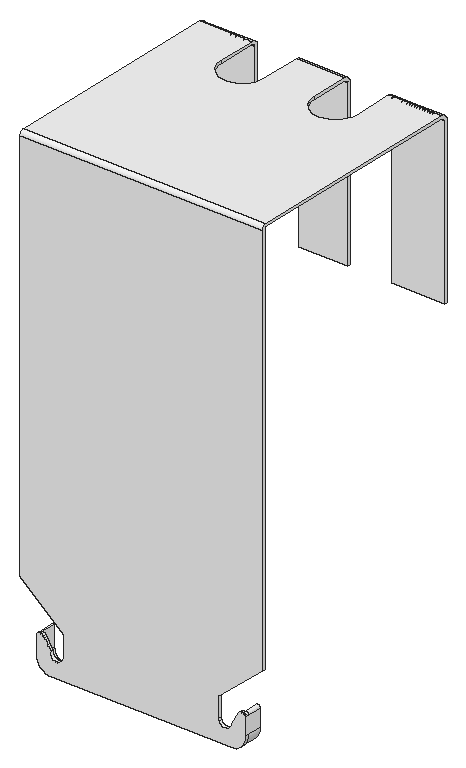
Revit family "特殊100mmWクリップ", category 機械設備, Revit 2020
Family settings
  丸型コネクタ寸法 = 直径を使用
  種別 = なし
  パーツ タイプ = 標準
  作業面ベース = いいえ
  常に垂直 = はい
  ロード時にボイドで切り取り = いいえ
  共有 = いいえ
  部屋計算ポイント = いいえ
Parameters
  製造元 = "株式会社桐井製作所"
  既定の高さ = 0 mm
  URL = "https://www.kirii.co.jp/"
  K_品名 = "特殊100mmWクリップ"
  K_名称 = "特殊クリップ"
  K_入数 = "100"
  K_バージョン情報 = "20211012"
Reference planes
  plane 1 "中心(正面/背面)": y = 0
  plane 2: z = 0
  plane 3 "中心(左/右)": x = 0
Forms (mm)
  Extrusion 1, solid
    sketch origin (0, 30, 0) x (0, 1, 0) y (0, 0, 1)
      loop
        line (-30, 0) -> (-29.4, -0.6) -> (-29.4, 108.05) -> (21, 108.05)
        arc (21, 108.05) -> (21.46, 107.86) -> (21.65, 107.4) r 0.65
        line (21.65, 107.4) -> (21.65, 69.45) -> (22.25, 70.05) -> (22.25, 107.35)
        arc (22.25, 107.35) -> (21.884, 108.234) -> (21, 108.6) r 1.25
        line (21, 108.6) -> (-29, 108.6)
        arc (-29, 108.6) -> (-29.707, 108.307) -> (-30, 107.6) r 1
        line (-30, 107.6) -> (-30, 0)
    from -27.5 to 27.5
  Extrusion 2, void
    sketch origin (0, -0.6, -0.8) x (0, 1, 0) y (0, 0, 1)
      loop
        line (0.387, 0.8) -> (0.387, -0.064) -> (1.428, -0.064) -> (1.428, 0.8) -> (0.387, 0.8)
    from -27.5 to 27.5
  Extrusion 3, void
    sketch origin (0, 0, 0) x (1, 0, 0) y (0, 0, 1)
      loop
        line (-27.5, 18) -> (-27.5, 0) -> (-20.3, 0)
        arc (-20.3, 0) -> (-22.775, 1.025) -> (-23.8, 3.5) r 3.5
        line (-23.8, 3.5) -> (-23.8, 7.345)
        arc (-23.8, 7.345) -> (-23.554, 7.857) -> (-23, 7.984) r 0.655
        arc (-23, 7.984) -> (-22.556, 7.985) -> (-22.215, 7.701) r 0.647
        line (-22.215, 7.701) -> (-20.65, 5)
        arc (-20.65, 5) -> (-20.211, 3.939) -> (-19.15, 3.5) r 1.5
        arc (-19.15, 3.5) -> (-18.089, 3.939) -> (-17.65, 5) r 1.5
        line (-17.65, 5) -> (-17.65, 9.5) -> (-27.5, 18)
      loop
        line (27.5, 18) -> (17.65, 9.5) -> (17.65, 5)
        arc (17.65, 5) -> (18.089, 3.939) -> (19.15, 3.5) r 1.5
        arc (19.15, 3.5) -> (20.211, 3.939) -> (20.65, 5) r 1.5
        line (20.65, 5) -> (22.215, 7.701)
        arc (22.215, 7.701) -> (22.556, 7.985) -> (23, 7.984) r 0.647
        arc (23, 7.984) -> (23.554, 7.857) -> (23.8, 7.345) r 0.655
        line (23.8, 7.345) -> (23.8, 3.5)
        arc (23.8, 3.5) -> (22.775, 1.025) -> (20.3, 0) r 3.5
        line (20.3, 0) -> (27.5, 0) -> (27.5, 18)
    from -0.6 to 0
  Extrusion 4, void
    sketch origin (0, 35.371, 45.276) x (0, 1, 0) y (0, 0, 1)
      loop
        line (15.756, 24.774) -> (15.756, 23.898) -> (16.879, 23.898) -> (16.879, 24.774) -> (15.756, 24.774)
    from -27.5 to 27.5
  Extrusion 5, solid
    sketch origin (0, 0, 0) x (1, 0, 0) y (0, 0, 1)
      loop
        arc (-23.8, 3.5) -> (-22.775, 1.025) -> (-20.3, 0) r 3.5
        line (-20.3, 0) -> (20.3, 0)
        arc (20.3, 0) -> (22.775, 1.025) -> (23.8, 3.5) r 3.5
        line (23.8, 3.5) -> (23.8, 7.345)
        arc (23.8, 7.345) -> (23.554, 7.857) -> (23, 7.984) r 0.655
        line (23, 7.984) -> (23, 3.5)
        arc (23, 3.5) -> (22.209, 1.591) -> (20.3, 0.8) r 2.7
        line (20.3, 0.8) -> (-20.3, 0.8)
        arc (-20.3, 0.8) -> (-22.209, 1.591) -> (-23, 3.5) r 2.7
        line (-23, 3.5) -> (-23, 7.984)
        arc (-23, 7.984) -> (-23.554, 7.857) -> (-23.8, 7.345) r 0.655
        line (-23.8, 7.345) -> (-23.8, 3.5)
    from -4 to -0.6
  Extrusion 6, void
    sketch origin (-10.5, 39.471, 33.072) x (1, 0, 0) y (0, 1, 0)
      loop
        line (-5, 12.779) -> (-5, 2.529)
        arc (-5, 2.529) -> (-3.536, -1.007) -> (0, -2.471) r 5
        arc (0, -2.471) -> (3.536, -1.007) -> (5, 2.529) r 5
        line (5, 2.529) -> (5, 12.779) -> (-5, 12.779)
    from 36.101 to 75.528
  Extrusion 7, void
    sketch origin (10.5, 39.471, 33.072) x (1, 0, 0) y (0, 1, 0)
      loop
        line (-5, 12.779) -> (-5, 2.529)
        arc (-5, 2.529) -> (-3.536, -1.007) -> (0, -2.471) r 5
        arc (0, -2.471) -> (3.536, -1.007) -> (5, 2.529) r 5
        line (5, 2.529) -> (5, 12.779) -> (-5, 12.779)
    from 36.101 to 75.528
Cuts and joins
  Extrusion 2, Extrusion 3, Extrusion 4, Extrusion 6, Extrusion 7 cuts Extrusion 1
  Extrusion 6, Extrusion 7 cuts Extrusion 5
  joined: Extrusion 1, Extrusion 5
Dimensions and locks
  aligned and locked: level to plane 2
